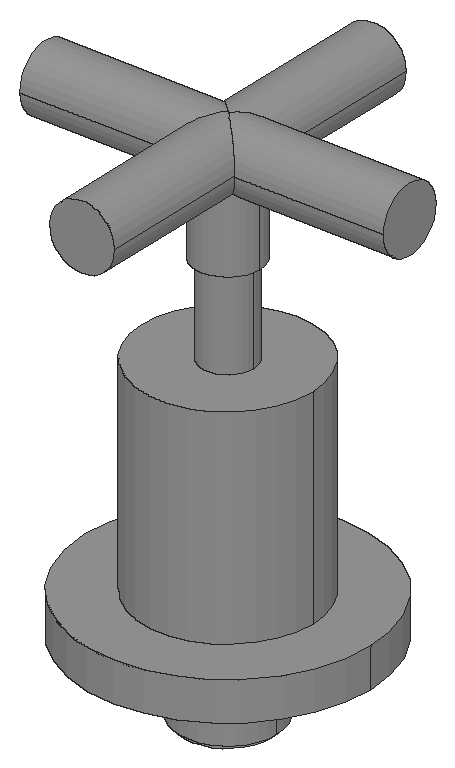
Revit family "Alma-BCROSHBN-Cora Cross Tap Handle-Nickel", category Plumbing Fixtures, host Face, Revit 2022
Family settings
  Host = Face
  Round Connector Dimension = Use Diameter
  Part Type = Normal
  Cut with Voids When Loaded = No
  Maintain Annotation Orientation = No
  Shared = No
  Room Calculation Point = No
Parameters (values of type "Cora Nickel")
  URL = "https://www.buildmat.com.au/products/cora-brushed-nickel-cross-tap-handles"
  Model = "BCROSHBN"  # constant formula
  Material = Alma Nickel
  Manufacturer = "BUILDMAT"  # constant formula
  Description = "Cora Cross Tap Handle"  # constant formula
  Default Elevation = 1219.2 mm
  Created = "22.12.2023"  # constant formula
  Cost = 0
  Brand = "Alma"  # constant formula
Reference planes
  plane 1 "Center (Elevation)": y = 0
  plane 2 "Back": z = 0
  plane 3 "Centro (Izquierda/Derecha)": x = 0
  plane 4 "Left": x = -27.5
  plane 5 "Right": x = 27.5
  plane 6 "Top": y = 27.5
  plane 7 "Bottom": y = -27.5
  plane 8: x = -35
  plane 9: x = 35
  plane 10: y = 35
  plane 11: y = -35
  plane 12 "Front": z = 90
  plane 13: z = 7.5
  plane 14: z = 47.5
  plane 15: z = 83.75
  plane 16: z = 65
  plane 17: z = -5.5
  plane 18: z = -14
  plane 19: z = -15
Forms (mm)
  Extrusion 1, solid, material "Alma Nickel" <- "Material"
    sketch origin (0, 0, 0) x (0, 1, 0) y (0, 0, 1)
      loop
        circle (0, 83.75) r 6.25
    from -35 to 35
  Extrusion 2, solid, material "Alma Nickel" <- "Material"
    sketch origin (0, 0, 0) x (1, 0, 0) y (0, 0, 1)
      loop
        circle (0, 83.75) r 6.25
    from -35 to 35
  Extrusion 3, solid, material "Alma Nickel" <- "Material"
    sketch origin (0, 0, 90) x (1, 0, 0) y (0, 1, 0)
      loop
        circle (0, 0) r 6.25
    from -6.25 to -25
  Extrusion 4, solid, material "Alma Nickel" <- "Material"
    sketch origin (0, 0, 90) x (1, 0, 0) y (0, 1, 0)
      loop
        circle (-0.015, -0.013) r 5
    from -25 to -42.5
  Extrusion 5, solid, material "Alma Nickel" <- "Material"
    sketch origin (0, 0, 0) x (1, 0, 0) y (0, 1, 0)
      loop
        circle (-0.015, -0.013) r 16.5
    from 7.5 to 47.5
  Extrusion 6, solid, material "Alma Nickel" <- "Material"
    sketch origin (0, 0, 0) x (1, 0, 0) y (0, 1, 0)
      loop
        circle (-0.013, 0.015) r 27.487
    from 0 to 7.5
  Extrusion 7, solid, material "Alma Nickel" <- "Material"
    sketch origin (0, 0, 0) x (1, 0, 0) y (0, 1, 0)
      loop
        circle (-0.015, -0.013) r 8.5
    from 0 to -15
  Extrusion 8, solid, material "Alma Nickel" <- "Material"
    sketch origin (0, 0, 0) x (1, 0, 0) y (0, 1, 0)
      loop
        circle (0.013, -0.015) r 9.5
    from -5.5 to -14
  Extrusion 9, void
    sketch origin (0, 0, 0) x (1, 0, 0) y (0, 1, 0)
      loop
        circle (0.013, -0.015) r 10
    from 0 to -20
Cuts and joins
  Extrusion 9 cuts Extrusion 3
  joined: Extrusion 1, Extrusion 2, Extrusion 3, Extrusion 4, Extrusion 5, Extrusion 6, Extrusion 7, Extrusion 8
Text (mm)
  text "Refer to www.buildmat.com.au for the most current product literature. \nAllow a +/- 5mm tolerance for dimensions shown in the product literature. \nPlease note product details are subject to change due to ongoing product development." at (0.056, -1035.857, 0), in view "Nivel de referencia"
Dimensions and locks
  equal spacing: plane 6 "Top", plane 1 "Center (Elevation)", plane 7 "Bottom"
  plane 6 "Top" to plane 7 "Bottom" = 55 mm
  equal spacing: plane 4 "Left", plane 3 "Centro (Izquierda/Derecha)", plane 5 "Right"
  plane 4 "Left" to plane 5 "Right" = 55 mm
  plane 8 to plane 9 = 70 mm
  equal spacing: plane 8, plane 3 "Centro (Izquierda/Derecha)", plane 9
  equal spacing: plane 10, plane 1 "Center (Elevation)", plane 11
  plane 10 to plane 11 = 70 mm
  plane 2 "Back" to plane 12 "Front" = 90 mm
  plane 2 "Back" to plane 13 = 7.5 mm
  plane 2 "Back" to plane 14 = 47.5 mm
  plane 15 to plane 12 "Front" = 6.25 mm
  plane 16 to plane 12 "Front" = 25 mm
  plane 19 to plane 2 "Back" = 15 mm
  plane 2 "Back" to plane 17 to plane 18 = 5.5 mm, 8.5 mm
  aligned and locked: plane 2 "Back" to host face
  aligned and locked: level to host face
  aligned and locked: Extrusion 1 to plane 8
  aligned and locked: plane 9 to Extrusion 1
  aligned and locked: plane 10 to Extrusion 2
  aligned and locked: Extrusion 2 to plane 11
  aligned and locked: plane 16 to Extrusion 3
  aligned and locked: Extrusion 3 to plane 15
  aligned and locked: plane 16 to Extrusion 4
  aligned and locked: plane 14 to Extrusion 4
  aligned and locked: plane 13 to Extrusion 5
  aligned and locked: Extrusion 5 to plane 14
  aligned and locked: Extrusion 6 to plane 2 "Back"
  aligned and locked: Extrusion 6 to plane 13
  aligned and locked: plane 19 to Extrusion 7
  aligned and locked: plane 2 "Back" to Extrusion 7
  aligned and locked: plane 18 to Extrusion 8
  aligned and locked: Extrusion 8 to plane 17
  aligned and locked: plane 2 "Back" to Extrusion 9
Automatic sketch dimensions
  host sketch curve to host sketch curve = 2438.4 mm  (x2)
  Extrusion 1 sketch curve to plane 1 "Center (Elevation)" = 0 mm
  plane 12 "Front" to Extrusion 1 sketch curve = 6.25 mm
  Extrusion 2 sketch curve to plane 3 "Centro (Izquierda/Derecha)" = 0 mm
  plane 12 "Front" to Extrusion 2 sketch curve = 6.25 mm
  plane 1 "Center (Elevation)" to Extrusion 3 sketch curve = 0 mm
  Extrusion 3 sketch curve to plane 3 "Centro (Izquierda/Derecha)" = 0 mm
  Extrusion 4 sketch curve to plane 3 "Centro (Izquierda/Derecha)" = 0.015 mm
  plane 1 "Center (Elevation)" to Extrusion 4 sketch curve = 0.013 mm
  Extrusion 5 sketch curve to plane 3 "Centro (Izquierda/Derecha)" = 0.015 mm
  plane 1 "Center (Elevation)" to Extrusion 5 sketch curve = 0.013 mm
  Extrusion 6 sketch curve to plane 3 "Centro (Izquierda/Derecha)" = 0.013 mm
  Extrusion 6 sketch curve to plane 1 "Center (Elevation)" = 0.015 mm
  Extrusion 7 sketch curve to plane 3 "Centro (Izquierda/Derecha)" = 0.015 mm
  plane 1 "Center (Elevation)" to Extrusion 7 sketch curve = 0.013 mm
  plane 3 "Centro (Izquierda/Derecha)" to Extrusion 8 sketch curve = 0.013 mm
  plane 1 "Center (Elevation)" to Extrusion 8 sketch curve = 0.015 mm
  plane 3 "Centro (Izquierda/Derecha)" to Extrusion 9 sketch curve = 0.013 mm
  plane 1 "Center (Elevation)" to Extrusion 9 sketch curve = 0.015 mm
  radius of Extrusion 1 sketch curve = 6.25 mm
  radius of Extrusion 2 sketch curve = 6.25 mm
  radius of Extrusion 3 sketch curve = 6.25 mm
  radius of Extrusion 4 sketch curve = 5 mm
  radius of Extrusion 5 sketch curve = 16.5 mm
  radius of Extrusion 6 sketch curve = 27.487 mm
  radius of Extrusion 7 sketch curve = 8.5 mm
  radius of Extrusion 8 sketch curve = 9.5 mm
  radius of Extrusion 9 sketch curve = 10 mm
